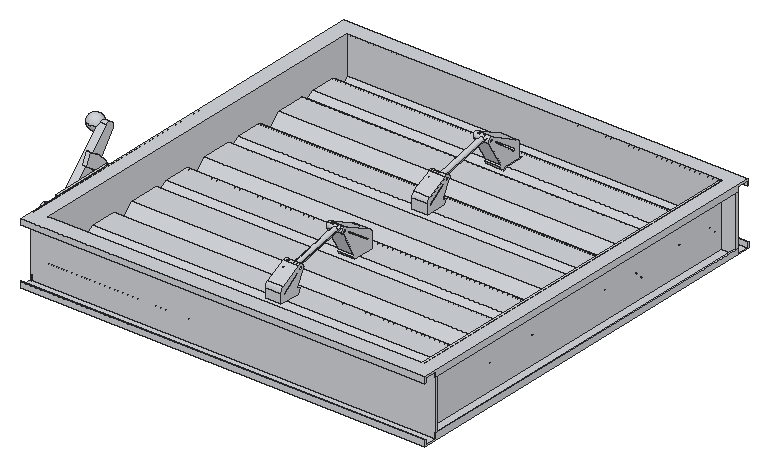
Revit family "20601_CBHO", category Air Terminals, Revit 2012
Parameters (values of type "CBHO")
  Visible_Texto = or(Medida_Requerida_Vertical < 4", Medida_Requerida_Vertical > 36", Medida_Requerida_Horizontal < 4", Medida_Requerida_Horizontal > 60", not(and(Medida_Requerida_Vertical = Var1_V, Medida_Requerida_Horizontal = Var1_H)))  # no
  Var1_V = if(Medida_Requerida_Vertical < 4", 4", if(Medida_Requerida_Vertical > 36", 36", (rounddown(Medida_Requerida_Vertical / 1") * 1")))  # 24"
  Var1_H = if(Medida_Requerida_Horizontal < 4", 4", if(Medida_Requerida_Horizontal > 60", 60", (rounddown(Medida_Requerida_Horizontal / 1") * 1")))  # 24"
  URL = "https://www.innes.com.mx"
  Type Comments = "De hojas opuestas"
  Tipo de Cuello = "Cuadrado/Rectangular"
  Posición de Intalación = "Ducto"
  Nota1 = if(Medida_Requerida_Vertical > 36", "Medida vertical no disponible, máximo 36 in", if(Medida_Requerida_Vertical < 4", "Medida vertical no disponible, mínimo 4 in", if(Medida_Requerida_Horizontal > 60", "Medida horizontal no disponible, máximo 60 in", if(Medida_Requerida_Horizontal < 4", "Medida horizontal no disponible, mínimo 4 in", if(and(Medida_Requerida_Horizontal = Var1_H, Medida_Requerida_Vertical = Var1_V), ".", "Medida no Válida. Solo incrementos de 1 in")))))  # "."
  Model = "CBHO"
  Medida_Requerida_Vertical = 24"
  Medida_Requerida_Horizontal = 24"
  Material = "Acero"
  Manufacturer = "INNES"
  Incrementos de Cuello = "de 1\""
  Description = "Compuerta de balance"
  Cuello Min-Max Rectangular = "6\"x4\" hasta 60\"x36\""
  Cuello Min-Max Cuadrado = "4\"x4\" hasta 36\"x36\""
  Conect_Vertical = if(Medida_Requerida_Vertical < 4", 4", if(Medida_Requerida_Vertical > 36", 36", Medida_Requerida_Vertical))  # 24"
  Conect_Horizontal = if(Medida_Requerida_Horizontal < 4", 4", if(Medida_Requerida_Horizontal > 60", 60", Medida_Requerida_Horizontal))  # 24"
Reference planes (in)
  plane 1 "Center (Front/Back)": y = 0
  plane 2: z = 0
  plane 3 "Center (Left/Right)": x = 0
  plane 4 "Conect": z = 2
  plane 5 "Conector2": z = -2
  plane 6: z = -2
Dimensions and locks (in)
  aligned and locked: nested 1 to plane 5 "Conector2"
Nested families (in)
  nested 1: "CBHO" at (0, 0, 0), type "CBHO"
  nested 2: "Texto_CBHO" at (6.84585, -35.07302, 0), type "texto"
    with Visible_Texto no
Connectors (in)
  hvac at (0, 0, 2), driven by "Conect_Vertical", driven by "Conect_Horizontal"
    settings: index 1, duct flow 0.0 L/s, flow factor 0, pres drop 0.0 Pa, loss coef 0, conn angle 0.00°, conn width 609.6 mm, conn height 609.6 mm, conn radius 304.8 mm, duct sys type 1, conn prof type 1, flow config 0, flow direction 0, loss method 0, conn ref index -1, conn util no, is conn primary no, conn desc ""
  hvac at (0, 0, -2), driven by "Conect_Vertical", driven by "Conect_Horizontal"
    settings: index 2, duct flow 0.0 L/s, flow factor 0, pres drop 0.0 Pa, loss coef 0, conn angle 0.00°, conn width 609.6 mm, conn height 609.6 mm, conn radius 304.8 mm, duct sys type 1, conn prof type 1, flow config 0, flow direction 0, loss method 0, conn ref index -1, conn util no, is conn primary yes, conn desc ""
Definition of nested family "CBHO"
  Parameters (values of type "CBHO")
    var6 = var1 + var2  # 4"
    var5 = var4 / (var6) * 1"  # 81/256"
    var4 = if(Vertical < 12", Vertical - 6", Vertical - var3)  # 1 17/64"
    var3 = if(Vertical < 12", Vertical, (6 * var6) - (27" / 64" * (var6 - 1")))  # 22 47/64"
    var2 = if(Medida Vertical Requerida < 6", 1", rounddown((((Vertical - 6") / 1") / 12) + 1) * 1")  # 2"
    var1 = rounddown((((Vertical - 12") / 1") / 12) + 1) * 1"  # 2"
    Posición Gancho = 3"  # constant formula
    VisibilidadRejilla 2 = Vertical > 23"  # yes
    VisibilidadRejilla 1 = Vertical > 17"  # yes
    Vertical = if(Medida Vertical Requerida < 4", 4", if(Medida Vertical Requerida > 36", 36", (rounddown(Medida Vertical Requerida / 1") * 1")))  # 24"
    URL = "http://www.innes.com.mx/p/Product/Article/58"
    Separacion Cuadrante = if(Medida Vertical Requerida < 6", 1", 2")  # 2"
    Separacion Aleta 2 = Ancho Aleta - (27" / 64" * 2")  # 5 121/256"
    Separacion Aleta 1 = Ancho Aleta - 27" / 64  # 5 229/256"
    Rejilla Invisible = Vertical > 11"  # yes
    VisibilidadRejilla 3 = not(VisibilidadRejilla 1)  # no
    Rejilla 2 = if(Vertical < 24", 2, rounddown((((Vertical - 12") / 1") / 12) + 1))  # 2
    Rejilla 1 = if(Vertical < 18", 2, rounddown((((Vertical - 6") / 1") / 12) + 1))  # 2
    Model = "CBHO"
    Manufacturer = "INNES"
    Largo Eje = 0"  # constant formula
    Medida Horizontal Requerida = 24"
    Horizontal = if(Medida Horizontal Requerida < 4", 4", if(Medida Horizontal Requerida > 60", 60", (rounddown(Medida Horizontal Requerida / 1") * 1")))  # 24"
    Description = "Compuerta de Balance"
    Color = rojo
    Ancho Aleta = 6" + var5  # 6 81/256"
    Medida Vertical Requerida = 24"
  Reference planes (in)
    plane 1 "Center (Front/Back)": y = 0
    plane 2: z = 0
    plane 3 "Center (Left/Right)": x = 0
    plane 4: x = -12
    plane 5: x = 12
    plane 6: y = 12
    plane 7: y = -12
    plane 8: z = 2
    plane 9: z = -2
    plane 10: z = 2
    plane 11: z = -2
    plane 12: y = 13
    plane 13 "Frente": z = -2
    plane 14: x = -0.5
    plane 15: x = 0.5
    plane 16: y = -10.99709
    plane 17: y = 9
    plane 18: y = 11.19783
    plane 19: y = -8.99709
    plane 20: y = 9.8964
  Forms (in)
    Sweep 1, solid
      path origin (0, 0, 0) x (1, 0, 0) y (0, 1, 0)
        loop
          line (-12, 12) -> (-12, -12) -> (12, -12) -> (12, 12) -> (-12, 12)
      profile origin (0, 12, 0) x (0, 1, 0) y (0, 0, 1)
        loop
          line (0, -2) -> (1, -2) -> (1, -1.625) -> (0.9375, -1.625) -> (0.9375, -1.9375) -> (0.0625, -1.9375) -> (0.0625, 1.9375) -> (0.9375, 1.9375) -> (0.9375, 1.625) -> (1, 1.625) -> (1, 2) -> (0, 2) -> (0, -2)
    Extrusion 2, solid
      sketch origin (0, 0, 0) x (0, 1, 0) y (0, 0, 1)
        loop
          line (12, -1.40984) -> (12, -0.9422) -> (10.5, -0.9422) -> (10.5, -1.00042) -> (11.94485, -1.00042) -> (11.94485, -1.40984) -> (12, -1.40984)
      from -12 to 12
    Extrusion 3, solid
      sketch origin (0, 0.03175, 0) x (0, 1, 0) y (0, 0, 1)
        loop
          line (-11.02884, -0.05916) -> (-11.02884, -0.9628)
          arc (-11.02884, -0.9628) -> (-10.9788, -1.14023) -> (-10.84343, -1.26536) r 0.33957
          line (-10.84343, -1.26536) -> (-8.95442, -2.22786)
          arc (-8.95442, -2.22786) -> (-8.69099, -2.2144) -> (-8.64962, -1.9539) r 0.20945
          line (-8.64962, -1.9539) -> (-9.58593, -0.33216) -> (-9.50823, -0.2873) -> (-9.63994, -0.05916) -> (-11.02884, -0.05916)
        loop
          circle (-8.83101, -2.05862) r 0.12064
        loop
          line (-10.71059, -0.81609) -> (-9.14542, -1.91204)
          arc (-9.14542, -1.91204) -> (-9.06593, -1.89802) -> (-9.07995, -1.81854) r 0.05707
          line (-9.07995, -1.81854) -> (-10.64513, -0.72259)
          arc (-10.64513, -0.72259) -> (-10.72461, -0.73661) -> (-10.71059, -0.81609) r 0.05707
      from -0.5 to 0.5
    Extrusion 4, solid
      sketch origin (0, -0.11225, 0) x (0, 1, 0) y (0, 0, 1)
        loop
          line (9.11225, 0.01886) -> (9.11225, -0.95138)
          arc (9.11225, -0.95138) -> (9.16229, -1.12881) -> (9.29766, -1.25394) r 0.33957
          line (9.29766, -1.25394) -> (11.18667, -2.21644)
          arc (11.18667, -2.21644) -> (11.34783, -2.12636) -> (11.33123, -1.94248) r 0.1696
          line (11.33123, -1.94248) -> (10.55516, -0.32074) -> (10.64891, -0.27588) -> (10.50786, 0.01886) -> (9.11225, 0.01886)
        loop
          circle (11.19783, -2.04721) r 0.12064
        loop
          line (9.4305, -0.80467) -> (10.99567, -1.90062)
          arc (10.99567, -1.90062) -> (11.07516, -1.8866) -> (11.06114, -1.80712) r 0.05707
          line (11.06114, -1.80712) -> (9.49596, -0.71117)
          arc (9.49596, -0.71117) -> (9.41648, -0.72519) -> (9.4305, -0.80467) r 0.05707
      from -0.5 to 0.5
    Revolve 5, solid
      sketch origin (0, 0, -2) x (0, 1, 0) y (-1, 0, 0)
        loop
          line (11.19783, 0) -> (-8.99709, 0) -> (-8.99709, -0.25) -> (11.19783, -0.25) -> (11.19783, 0)
        axis (11.19783, 0) -> (-8.99709, 0)
      angle from 0 to 360
    Extrusion 6, solid
      sketch origin (0, 0, -2) x (0, 1, 0) y (-1, 0, 0)
        loop
          line (-12, 13) -> (-12.125, 13) -> (-12.125, -13) -> (-12, -13) -> (-12, 13)
        loop
          line (12.125, 13) -> (12, 13) -> (12, -13) -> (12.125, -13) -> (12.125, 13)
      from 0.0625 to 3.9375
    Extrusion 7, void
      sketch origin (0, 0, -2) x (0, 1, 0) y (-1, 0, 0)
        loop
          line (-12.9375, -12.9375) -> (-12.9375, -13) -> (-12.125, -13) -> (-12.125, -12.9375) -> (-12.9375, -12.9375)
        loop
          line (-12.125, 13) -> (-12.9375, 13) -> (-12.9375, 12.9375) -> (-12.125, 12.9375) -> (-12.125, 13)
        loop
          line (12.9375, 13) -> (12.125, 13) -> (12.125, 12.9375) -> (12.9375, 12.9375) -> (12.9375, 13)
        loop
          line (12.9375, -12.9375) -> (12.125, -12.9375) -> (12.125, -13) -> (12.9375, -13) -> (12.9375, -12.9375)
      from 0.0625 to 3.9375
  Cuts and joins
    Extrusion 7 cuts Sweep 1
  Dimensions and locks (in)
    equal spacing: plane 4, plane 3 "Center (Left/Right)", plane 5
    equal spacing: plane 6, plane 1 "Center (Front/Back)", plane 7
    "Horizontal": plane 4 to plane 5
    "Vertical": plane 6 to plane 7
    locked: plane 10 to level at 2
    locked: level to plane 11 at 2
    plane 12 to plane 6 = 1"
    Sweep 1 sketch curve to plane 6 = 1/16"
    plane 8 to Sweep 1 sketch curve = 1/16"
    plane 12 to Sweep 1 sketch curve = 1/16"  (x2)
    Sweep 1 sketch curve to Sweep 1 sketch curve = 1/16"
    level to plane 13 "Frente" = 2"
    equal spacing: plane 14, plane 3 "Center (Left/Right)", plane 15
    locked: plane 14 to plane 15 at 1
    locked: plane 16 to plane 7 at 1.00291
    level to Extrusion 4 = 0.01886"
    "Posición Gancho": plane 6 to plane 17
    plane 18 to plane 17 = 2.19783"
    plane 19 to plane 16 = 2"
    "Separacion Cuadrante": nested 3 to plane 7
    Extrusion 6 sketch curve to Extrusion 6 sketch curve = 1/8"
    Sweep 1 to Extrusion 6 sketch curve = 1/8"
    locked: level to nested 2 at 0
    group 2 to group 3 = 0"  (x2)
    group 2 to group 3 = 11.78972"
    plane 4 to nested 6 = 0"
    locked: nested 5 to level at 0
    locked: nested 5 to plane 7 at 0.00522
    locked: nested 1 to Extrusion 6 at 0.00522
    "Separacion Aleta 1": nested 6 to Extrusion 6
    "Separacion Aleta 1": nested 2 to Extrusion 6
    "Separacion Aleta 2": nested 4 to nested 2
    cut or joined group of Sweep 1, Extrusion 7 to plane 12 = 26"
    cut or joined group of Sweep 1, Extrusion 7 to cut or joined group of Sweep 1, Extrusion 7 = 26"
    plane 1 "Center (Front/Back)" to plane 17 = 9"
    cut or joined group of Sweep 1, Extrusion 7 to plane 7 = 1"
    nested 6 to nested 6 = 1.6734"
    group 1 to group 4 = 0"  (x2)
    group 1 to group 4 = 11.74365"
    "Separacion Aleta 2": nested 8 to nested 1
    aligned and locked: plane 2 to level
    aligned and locked: Sweep 1 sketch curve to plane 6
    aligned and locked: plane 4 to Sweep 1 sketch curve
    aligned and locked: plane 7 to Sweep 1 sketch curve
    aligned and locked: Sweep 1 sketch curve to plane 5
    aligned and locked: plane 8 to Sweep 1 sketch curve
    aligned and locked: plane 12 to Sweep 1 sketch curve  (x2)
    aligned and locked: Sweep 1 sketch curve to plane 9
    aligned and locked: level to nested 1
    aligned and locked: plane 5 to Extrusion 2
    aligned and locked: Extrusion 2 to plane 4
    aligned and locked: Extrusion 3 sketch curve to nested 1
    aligned and locked: Extrusion 3 to plane 16
    aligned and locked: plane 17 to Extrusion 4
    aligned and locked: Revolve 5 sketch curve to plane 3 "Center (Left/Right)"
    aligned and locked: Revolve 5 to plane 18
    aligned and locked: Revolve 5 to plane 19
    aligned and locked: nested 3 to Sweep 1
    aligned and locked: Extrusion 6 sketch curve to Sweep 1  (x4)
    aligned and locked: plane 6 to Extrusion 6 sketch curve
    aligned and locked: Extrusion 6 sketch curve to plane 7
    aligned and locked: Extrusion 6 to Sweep 1  (x2)
    aligned and locked: Extrusion 7 sketch curve to Sweep 1  (x8)
    aligned and locked: Extrusion 7 sketch curve to Extrusion 6  (x3)
    aligned and locked: Sweep 1 to Extrusion 7 sketch curve  (x4)
    aligned and locked: Extrusion 6 to Extrusion 7 sketch curve
    aligned and locked: Extrusion 7 to Sweep 1  (x2)
    aligned and locked: nested 2 to plane 5
    aligned and locked: nested 1 to plane 4
    aligned and locked: nested 8 to plane 5
    aligned and locked: nested 4 to plane 5
  Automatic sketch dimensions
    Sweep 1 sketch curve to profile plane = 0"
    Sweep 1 sketch curve to Sweep 1 sketch curve = 5/16"
    Sweep 1 sketch curve to Sweep 1 sketch curve = 3/8"
    Extrusion 2 sketch curve to plane 6 = 0"
    Extrusion 2 sketch curve to plane 6 = 0.05515"
    Extrusion 2 sketch curve to Extrusion 2 sketch curve = 1.44485"
    plane 11 to Extrusion 2 sketch curve = 0.59016"
    Extrusion 2 sketch curve to Extrusion 2 sketch curve = 0.40942"
    Extrusion 2 sketch curve to Extrusion 2 sketch curve = 0.05823"
    Extrusion 3 sketch curve to Extrusion 3 sketch curve = 0"  (x2)
    plane 7 to Extrusion 3 sketch curve = 1.00291"
    plane 11 to Extrusion 3 sketch curve = 0.73464"
    Extrusion 3 sketch curve to Extrusion 3 sketch curve = 0.18541"
    Extrusion 3 sketch curve to Extrusion 3 sketch curve = 0.31824"
    Extrusion 3 sketch curve to Extrusion 3 sketch curve = 0.02133"
    Extrusion 3 sketch curve to Extrusion 3 sketch curve = 0.03273"  (x4)
    Extrusion 3 sketch curve to Extrusion 3 sketch curve = 1.00518"
    Extrusion 3 sketch curve to level = 0.33216"
    Extrusion 3 sketch curve to Extrusion 3 sketch curve = 0.05401"
    Extrusion 3 sketch curve to level = 0.2873"
    plane 11 to Extrusion 3 sketch curve = 0.08796"
    Extrusion 3 sketch curve to Extrusion 3 sketch curve = 0.44051"
    Extrusion 3 sketch curve to plane 11 = 0.22786"
    Extrusion 3 sketch curve to Extrusion 3 sketch curve = 0.191"
    Extrusion 3 sketch curve to plane 11 = 0.05862"
    plane 11 to Extrusion 3 sketch curve = 0.0461"
    Extrusion 3 sketch curve to Extrusion 3 sketch curve = 0.04675"  (x2)
    Extrusion 3 sketch curve to Extrusion 3 sketch curve = 0.14671"
    Extrusion 4 sketch curve to Extrusion 4 sketch curve = 0"  (x3)
    Extrusion 4 sketch curve to plane 1 "Center (Front/Back)" = 9"
    plane 11 to Extrusion 4 sketch curve = 0.74606"
    Extrusion 4 sketch curve to Extrusion 4 sketch curve = 0.18541"
    Extrusion 4 sketch curve to Extrusion 4 sketch curve = 0.31824"
    Extrusion 4 sketch curve to Extrusion 4 sketch curve = 0.02133"
    Extrusion 4 sketch curve to Extrusion 4 sketch curve = 0.03273"  (x4)
    Extrusion 4 sketch curve to Extrusion 4 sketch curve = 1.0119"
    Extrusion 4 sketch curve to level = 0.32074"
    Extrusion 4 sketch curve to Extrusion 4 sketch curve = 0.0473"
    Extrusion 4 sketch curve to level = 0.27588"
    plane 11 to Extrusion 4 sketch curve = 0.09938"
    Extrusion 4 sketch curve to Extrusion 4 sketch curve = 0.44051"
    Extrusion 4 sketch curve to plane 11 = 0.21644"
    Extrusion 4 sketch curve to Extrusion 4 sketch curve = 0.191"
    Extrusion 4 sketch curve to plane 11 = 0.04721"
    plane 11 to Extrusion 4 sketch curve = 0.05752"
    Extrusion 4 sketch curve to Extrusion 4 sketch curve = 0.04675"  (x2)
    Extrusion 4 sketch curve to Extrusion 4 sketch curve = 0.14671"
    Revolve 5 sketch curve to plane 3 "Center (Left/Right)" = 0"
    Revolve 5 sketch curve to plane 7 = 5 1/4"
    plane 3 "Center (Left/Right)" to Revolve 5 sketch curve = 1/4"
    plane 7 to Revolve 5 sketch curve = 3.00291"
    Revolve 5 sketch curve to plane 6 = 0.80217"
    plane 6 to Revolve 5 sketch curve = 1/2"
    plane 18 to Extrusion 4 sketch curve = 0.11225"
    radius of Extrusion 3 sketch curve = 0.12064"
    radius of Extrusion 4 sketch curve = 0.12064"
  Nested families (in)
    nested 1: "Rejilla CBHO_1" at (12, -11.99609, -1) x (-1, 0, 0) z (0, -1, 0), type "Rejilla CBHO_1"
      with AnchoAleta 6 81/256"
    nested 2: "Rejilla CBHO_2" at (12, -6.10481, -1) x (-1, 0, 0) z (0, -1, 0), type "Rejilla CBHO_2"
      with Largo 24", AnchoAeta 6 81/256"
    nested 3: "Manija" at (-13, -6, 2) x (1, 0, 0) z (0, -1, 0), type "Manija"
    nested 4: "Rejilla CBHO_2" at (12, 5.68491, -1) x (-1, 0, 0) z (0, -1, 0), type "Rejilla CBHO_2"
      with Largo 24", AnchoAeta 6 81/256"
    nested 5: "Rejilla 1 visible" at (11.99909, -11.99609, -1) x (-1, 0, 0) z (0, -1, 0), type "Rejilla 1 visible"
      with Visible no, AnchoAleta 6 81/256"
    nested 6: "Rejilla 2 Invisible" at (12, -6.10678, -1.00006) x (-1, 0, 0) z (0, -1, 0), type "Rejilla 2 Invisible"
      with Largo 24", AnchoAeta 6 81/256"
    nested 7: "Texto1" at (4.75, 0, 2.5), type "texto"
      with punto visible no
    nested 8: "Rejilla CBHO_1" at (12, -0.25244, -1) x (-1, 0, 0) z (0, -1, 0), type "Rejilla CBHO_1"
      with AnchoAleta 6 81/256"
  Definition of nested family "Rejilla CBHO_1"
    Parameters (values of type "Rejilla CBHO_1")
      Visible = yes
      Largo rejilla = 24"
      Default Elevation = 48"
      AnchoAleta = 6"
    Reference planes (in)
      plane 1 "Center (Front/Back)": y = 0
      plane 2: z = 0
      plane 3 "Center (Left/Right)": x = 0
      plane 4 "Base palanca": y = -1
      plane 5: x = 24
      plane 6 "centro palanca": x = 12
      plane 7: x = 11.5
      plane 8: x = 12.5
      plane 9: z = -6
    Forms (in)
      Extrusion 1, solid, visible <- "Visible"
        sketch origin (0, 0, -6) x (0, 1, 0) y (0, 0, 1)
          loop
            line (-0.27784, 5.99869) -> (-1, 5.27653) -> (-1, 3.63877) -> (-0.72377, 3.22924) -> (-1, 2.81971) -> (-1, 1.14631) -> (-0.23243, 0.37874) -> (-0.61117, 0) -> (-0.51517, 0) -> (-0.13821, 0.37696) -> (-0.94084, 1.1796) -> (-0.94084, 2.78956) -> (-0.64338, 3.23057) -> (-0.94084, 3.67157) -> (-0.94084, 5.24748) -> (-0.23374, 5.95459) -> (-0.27784, 5.99869)
        from 0 to 24
      Extrusion 2, solid, visible <- "Visible"
        sketch origin (12, 0, -6) x (0, 0, 1) y (0, -1, 0)
          loop
            line (2.91548, 1) -> (2.91548, 1.61617)
            arc (2.91548, 1.61617) -> (2.86544, 1.79359) -> (2.73007, 1.91873) r 0.33957
            line (2.73007, 1.91873) -> (1.46775, 2.56191)
            arc (1.46775, 2.56191) -> (1.20433, 2.54845) -> (1.16295, 2.28795) r 0.20945
            line (1.16295, 2.28795) -> (1.66295, 1.42192) -> (1.44644, 1.29692) -> (1.61787, 1) -> (2.91548, 1)
          loop
            circle (1.34434, 2.39267) r 0.12064
          loop
            line (2.70646, 1.51247) -> (1.65875, 2.24609)
            arc (1.65875, 2.24609) -> (1.57927, 2.23207) -> (1.59328, 2.15259) r 0.05707
            line (1.59328, 2.15259) -> (2.64099, 1.41898)
            arc (2.64099, 1.41898) -> (2.72047, 1.43299) -> (2.70646, 1.51247) r 0.05707
        from -0.5 to 0.5
    Dimensions and locks (in)
      locked: plane 1 "Center (Front/Back)" to plane 4 "Base palanca" at 1
      "Largo rejilla": plane 5 to plane 3 "Center (Left/Right)"
      equal spacing: plane 5, plane 6 "centro palanca", plane 3 "Center (Left/Right)"
      equal spacing: plane 8, plane 6 "centro palanca", plane 7
      locked: plane 8 to plane 7 at 1
      "AnchoAleta": plane 9 to plane 2
      aligned and locked: plane 2 to level
      aligned and locked: plane 5 to Extrusion 1
      aligned and locked: plane 7 to Extrusion 2
      aligned and locked: Extrusion 2 to plane 8
      aligned and locked: Extrusion 1 sketch curve to plane 9
    Automatic sketch dimensions
      Extrusion 2 sketch curve to Extrusion 2 sketch curve = 0"  (x2)
      Extrusion 2 sketch curve to plane 4 "Base palanca" = 0"
      Extrusion 2 sketch curve to level = 4.83705"
      Extrusion 2 sketch curve to Extrusion 2 sketch curve = 0.18139"
      plane 4 "Base palanca" to Extrusion 2 sketch curve = 0.29692"
      Extrusion 2 sketch curve to Extrusion 2 sketch curve = 0.28349"
      Extrusion 2 sketch curve to Extrusion 2 sketch curve = 0.12341"
      Extrusion 2 sketch curve to Extrusion 2 sketch curve = 0.24894"
      Extrusion 2 sketch curve to Extrusion 2 sketch curve = 0.17143"
      Extrusion 2 sketch curve to Extrusion 2 sketch curve = 0.03273"  (x4)
      plane 4 "Base palanca" to Extrusion 2 sketch curve = 0.42192"
      Extrusion 2 sketch curve to Extrusion 2 sketch curve = 0.91295"
      plane 4 "Base palanca" to Extrusion 2 sketch curve = 0.41898"
      Extrusion 2 sketch curve to Extrusion 2 sketch curve = 0.06509"
      plane 4 "Base palanca" to Extrusion 2 sketch curve = 0.91873"
      Extrusion 2 sketch curve to Extrusion 2 sketch curve = 0.15416"
      Extrusion 2 sketch curve to Extrusion 2 sketch curve = 0.20902"
      Extrusion 2 sketch curve to Extrusion 2 sketch curve = 0.04675"  (x2)
      Extrusion 2 sketch curve to Extrusion 2 sketch curve = 0.13536"
      Extrusion 2 sketch curve to Extrusion 2 sketch curve = 0.10473"
      Extrusion 1 sketch curve to plane 4 "Base palanca" = 0"  (x2)
      Extrusion 1 sketch curve to plane 4 "Base palanca" = 0.05916"  (x2)
      Extrusion 1 sketch curve to plane 4 "Base palanca" = 0.27623"
      Extrusion 1 sketch curve to Extrusion 1 sketch curve = 0.08039"
      Extrusion 1 sketch curve to plane 4 "Base palanca" = 0.38883"
      Extrusion 1 sketch curve to Extrusion 1 sketch curve = 0.096"
      Extrusion 1 sketch curve to level = 0.00131"
      plane 1 "Center (Front/Back)" to Extrusion 1 sketch curve = 0.27784"
      Extrusion 1 sketch curve to level = 0.04541"
      Extrusion 1 sketch curve to Extrusion 1 sketch curve = 0.0441"
      plane 1 "Center (Front/Back)" to Extrusion 1 sketch curve = 0.23243"
      Extrusion 1 sketch curve to Extrusion 1 sketch curve = 0.09422"
      Extrusion 1 sketch curve to plane 9 = 0.37696"
      Extrusion 1 sketch curve to Extrusion 1 sketch curve = 0.00178"
      Extrusion 1 sketch curve to Extrusion 1 sketch curve = 1.60996"
      Extrusion 1 sketch curve to Extrusion 1 sketch curve = 0.03015"
      Extrusion 1 sketch curve to Extrusion 1 sketch curve = 0.43968"
      Extrusion 1 sketch curve to Extrusion 1 sketch curve = 0.00132"
      Extrusion 1 sketch curve to Extrusion 1 sketch curve = 0.40953"
      Extrusion 1 sketch curve to Extrusion 1 sketch curve = 0.0328"
      radius of Extrusion 2 sketch curve = 0.12064"
  Definition of nested family "Rejilla CBHO_2"
    Parameters (values of type "Rejilla CBHO_2")
      Visible = yes
      LargoEje = 3 1/2"
      Largo = 18"
      Default Elevation = 48"
      AnchoAeta = 6"
    Reference planes (in)
      plane 1 "Center (Front/Back)": y = 0
      plane 2: z = 0
      plane 3 "Center (Left/Right)": x = 0
      plane 4 "Base palanca": y = -1
      plane 5: x = 18
      plane 6 "centro palanca": x = 9
      plane 7: x = 8.5
      plane 8: x = 9.5
      plane 9: through (0, -2.80774, -2.42962) normal (0, -0.2, -0.9798)
      plane 10: z = -6
    Forms (in)
      Extrusion 1, solid, visible <- "Visible"
        sketch origin (0, 0, -6.00106) x (0, 1, 0) y (0, 0, 1)
          loop
            line (-0.27481, 6.00172) -> (-1, 5.27653) -> (-1, 3.63983) -> (-0.72377, 3.2303) -> (-1, 2.82077) -> (-1, 1.14737) -> (-0.23243, 0.37979) -> (-0.61117, 0.00106) -> (-0.51517, 0.00106) -> (-0.13821, 0.37802) -> (-0.94084, 1.18065) -> (-0.94084, 2.79062) -> (-0.64338, 3.23162) -> (-0.94084, 3.67263) -> (-0.94084, 5.24748) -> (-0.23071, 5.95761) -> (-0.27481, 6.00172)
        from 0 to 18
      Extrusion 2, solid, visible <- "Visible"
        sketch origin (9, 0, -6.00106) x (0, 0, 1) y (0, -1, 0)
          loop
            line (1.5, 1) -> (2.89561, 1) -> (3.02061, 1.21651) -> (2.94291, 1.26137) -> (3.87922, 2.88311)
            arc (3.87922, 2.88311) -> (3.83784, 3.14361) -> (3.57442, 3.15707) r 0.20945
            line (3.57442, 3.15707) -> (1.68541, 2.19457)
            arc (1.68541, 2.19457) -> (1.55004, 2.06944) -> (1.5, 1.89201) r 0.33957
            line (1.5, 1.89201) -> (1.5, 1)
          loop
            circle (3.69783, 2.98784) r 0.12064
          loop
            arc (1.81824, 1.7453) -> (1.80423, 1.66582) -> (1.88371, 1.6518) r 0.05707
            line (1.88371, 1.6518) -> (3.44889, 2.74775)
            arc (3.44889, 2.74775) -> (3.4629, 2.82723) -> (3.38342, 2.84125) r 0.05707
            line (3.38342, 2.84125) -> (1.81824, 1.7453)
        from -0.5 to 0.5
      Extrusion 3, solid, visible <- "Visible"
        sketch origin (0, -1.01277, -6.46018) x (1, 0, 0) y (0, 0.979789, -0.200034)
          loop
            circle (8.99581, -2.77843) r 0.16218
        from 3.59005 to 7.09005
    Dimensions and locks (in)
      locked: plane 1 "Center (Front/Back)" to plane 4 "Base palanca" at 1
      equal spacing: plane 5, plane 6 "centro palanca", plane 3 "Center (Left/Right)"
      equal spacing: plane 8, plane 6 "centro palanca", plane 7
      locked: plane 8 to plane 7 at 1
      "LargoEje": plane 9 to Extrusion 3
      "Largo": plane 5 to plane 3 "Center (Left/Right)"
      "AnchoAeta": level to plane 10
      aligned and locked: plane 2 to level
      aligned and locked: plane 5 to Extrusion 1
      aligned and locked: plane 7 to Extrusion 2
      aligned and locked: Extrusion 2 to plane 8
      aligned and locked: plane 9 to Extrusion 3
      aligned and locked: plane 10 to Extrusion 1 sketch curve
    Automatic sketch dimensions
      Extrusion 2 sketch curve to Extrusion 2 sketch curve = 0"  (x2)
      Extrusion 2 sketch curve to plane 4 "Base palanca" = 0"
      Extrusion 2 sketch curve to level = 4.50106"
      plane 4 "Base palanca" to Extrusion 2 sketch curve = 1.19457"
      Extrusion 2 sketch curve to Extrusion 2 sketch curve = 0.18541"
      Extrusion 2 sketch curve to Extrusion 2 sketch curve = 0.31824"
      Extrusion 2 sketch curve to Extrusion 2 sketch curve = 0.02133"
      Extrusion 2 sketch curve to Extrusion 2 sketch curve = 0.03273"  (x4)
      Extrusion 2 sketch curve to Extrusion 2 sketch curve = 1.0119"
      plane 4 "Base palanca" to Extrusion 2 sketch curve = 0.26137"
      Extrusion 2 sketch curve to Extrusion 2 sketch curve = 0.0473"
      Extrusion 2 sketch curve to Extrusion 2 sketch curve = 0.0777"
      Extrusion 2 sketch curve to Extrusion 2 sketch curve = 0.44051"
      Extrusion 2 sketch curve to Extrusion 2 sketch curve = 0.191"
      Extrusion 2 sketch curve to Extrusion 2 sketch curve = 0.12341"
      Extrusion 2 sketch curve to Extrusion 2 sketch curve = 0.18139"
      Extrusion 2 sketch curve to Extrusion 2 sketch curve = 0.24021"
      Extrusion 2 sketch curve to Extrusion 2 sketch curve = 0.04675"  (x2)
      Extrusion 2 sketch curve to Extrusion 2 sketch curve = 0.13536"
      Extrusion 2 sketch curve to Extrusion 2 sketch curve = 0.10473"
      Extrusion 3 sketch curve to plane 6 "centro palanca" = 0.00419"
      Extrusion 1 sketch curve to plane 4 "Base palanca" = 0"  (x2)
      Extrusion 1 sketch curve to plane 4 "Base palanca" = 0.05916"  (x2)
      Extrusion 1 sketch curve to plane 4 "Base palanca" = 0.27623"
      Extrusion 1 sketch curve to Extrusion 1 sketch curve = 0.08039"
      Extrusion 1 sketch curve to plane 4 "Base palanca" = 0.38883"
      Extrusion 1 sketch curve to Extrusion 1 sketch curve = 0.096"
      level to Extrusion 1 sketch curve = 0.00066"
      plane 1 "Center (Front/Back)" to Extrusion 1 sketch curve = 0.27481"
      plane 1 "Center (Front/Back)" to Extrusion 1 sketch curve = 0.23243"
      Extrusion 1 sketch curve to level = 0.04344"
      Extrusion 1 sketch curve to Extrusion 1 sketch curve = 0.0441"
      Extrusion 1 sketch curve to Extrusion 1 sketch curve = 0.09422"
      plane 10 to Extrusion 1 sketch curve = 0.37696"
      Extrusion 1 sketch curve to Extrusion 1 sketch curve = 0.00178"
      Extrusion 1 sketch curve to Extrusion 1 sketch curve = 1.60996"
      Extrusion 1 sketch curve to Extrusion 1 sketch curve = 0.03015"
      Extrusion 1 sketch curve to Extrusion 1 sketch curve = 0.43968"
      Extrusion 1 sketch curve to Extrusion 1 sketch curve = 0.00132"
      Extrusion 1 sketch curve to Extrusion 1 sketch curve = 0.40953"
      Extrusion 1 sketch curve to Extrusion 1 sketch curve = 0.0328"
      radius of Extrusion 2 sketch curve = 0.12064"
      radius of Extrusion 3 sketch curve = 0.16218"
  Definition of nested family "Manija"
    Parameters (values of type "Manija")
      Default Elevation = 48"
    Reference planes (in)
      plane 1 "Center (Front/Back)": y = 0
      plane 2: z = 0
      plane 3 "Center (Left/Right)": x = 0
      plane 4 "L2": x = -0.125
      plane 5 "L3": x = -0.25
      plane 6 "L4": x = -0.5
      plane 7 "L5": x = -1
      plane 8 "L6": x = -2
      plane 9 "Eje bola": y = 1.71139
      plane 10: z = -0.75
    Forms (in)
      Extrusion 1, solid
        sketch origin (0, 0, 0) x (0, 1, 0) y (0, 0, 1)
          loop
            line (0, 0) -> (0, 4) -> (-4, 4) -> (-4, 0) -> (0, 0)
        from 0 to -0.125
      Extrusion 2, solid
        sketch origin (-0.125, 0, 0) x (0, 1, 0) y (0, 0, 1)
          loop
            arc (-1.2715, 3.29599) -> (-2, 3.61095) -> (-2.7285, 3.29599) r 1
            arc (-2.7285, 3.29599) -> (-3.09677, 3.06507) -> (-3.49937, 2.90119) r 2.50851
            arc (-3.49937, 2.90119) -> (-3.82021, 2.58298) -> (-3.52907, 2.23739) r 0.33333
            arc (-3.52907, 2.23739) -> (-3.1106, 2.07156) -> (-2.7285, 1.83361) r 2.50851
            arc (-2.7285, 1.83361) -> (-2, 1.58943) -> (-1.2715, 1.83361) r 1.20883
            arc (-1.2715, 1.83361) -> (-0.82118, 2.10468) -> (-0.32426, 2.27597) r 2.50851
            arc (-0.32426, 2.27597) -> (-0.16864, 2.65092) -> (-0.49065, 2.89813) r 0.33333
            arc (-0.49065, 2.89813) -> (-0.89858, 3.0627) -> (-1.2715, 3.29599) r 2.50851
        from 0 to -0.125
      Extrusion 3, solid
        sketch origin (-0.25, 0, 0) x (0, 1, 0) y (0, 0, 1)
          loop
            circle (-2.05133, 2.59002) r 0.75
          loop
            line (-4.5016, 1.34154) -> (-5.16985, 1.00105)
            arc (-5.16985, 1.00105) -> (-2.0563, -0.90998) -> (1.06267, 0.9922) r 3.5
            line (1.06267, 0.9922) -> (0.39538, 1.33459)
            arc (0.39538, 1.33459) -> (-2.05523, -0.15998) -> (-4.5016, 1.34154) r 2.75
        from 0 to -0.25
      Extrusion 4, solid
        sketch origin (-0.5, 0, 0) x (0, 1, 0) y (0, 0, 1)
          loop
            line (-1.0926, 2.42578) -> (-2.40363, 3.52587) -> (-3.20711, 2.56832) -> (-1.89608, 1.46823) -> (1.54224, -1.02986)
            arc (1.54224, -1.02986) -> (1.91796, -0.93966) -> (1.88764, -0.55445) r 0.29748
            line (1.88764, -0.55445) -> (-1.0926, 2.42578)
        from 0 to -0.5
      Extrusion 5, solid
        sketch origin (-1, 0, 0) x (0, 1, 0) y (0, 0, 1)
          loop
            circle (-2.07433, 2.60224) r 0.3804
        from 0 to -1
      Revolve 6, solid
        sketch origin (0, 1.71139, 0) x (0, 0, -1) y (-1, 0, 0)
          loop
            line (0.75, 0.86769) -> (0.75, 1.84305)
            arc (0.75, 1.84305) -> (0.26232, 1.35537) -> (0.75, 0.86769) r 0.48768
          axis (0.75, 1.84305) -> (0.75, 0.86769)
        angle from 0 to 360
    Dimensions and locks (in)
      plane 4 "L2" to plane 3 "Center (Left/Right)" = 1/8"
      plane 5 "L3" to plane 4 "L2" = 1/8"
      plane 6 "L4" to plane 5 "L3" = 1/4"
      plane 7 "L5" to plane 6 "L4" = 1/2"
      plane 8 "L6" to plane 7 "L5" = 1"
      plane 1 "Center (Front/Back)" to Extrusion 2 sketch curve = 2"
      locked: plane 9 "Eje bola" to Extrusion 1 at 1.71139
      aligned and locked: plane 2 to level
      aligned and locked: Extrusion 1 to plane 4 "L2"
      aligned and locked: Extrusion 2 to plane 5 "L3"
      aligned and locked: Extrusion 3 to plane 6 "L4"
      aligned and locked: Extrusion 4 to plane 7 "L5"
      aligned and locked: Extrusion 5 to plane 8 "L6"
  Definition of nested family "Rejilla 2 Invisible"
    Parameters (values of type "Rejilla 2 Invisible")
      Visible = yes
      LargoEje = 3 1/2"
      Largo = 18"
      Default Elevation = 48"
      AnchoAeta = 6"
    Reference planes (in)
      plane 1 "Center (Front/Back)": y = 0
      plane 2: z = 0
      plane 3 "Center (Left/Right)": x = 0
      plane 4 "Base palanca": y = -1
      plane 5: x = 18
      plane 6 "centro palanca": x = 9
      plane 7: x = 8.5
      plane 8: x = 9.5
      plane 9: through (0, -2.80774, -2.42856) normal (0, -0.2, -0.9798)
      plane 10: y = -0.23243
      plane 11: z = -6
    Forms (in)
      Extrusion 1, solid, visible <- "Visible"
        sketch origin (0, 0, -6) x (0, 1, 0) y (0, 0, 1)
          loop
            line (-0.27784, 5.99869) -> (-1, 5.27653) -> (-1, 3.63877) -> (-0.72377, 3.22924) -> (-1, 2.81971) -> (-1, 1.14631) -> (-0.23243, 0.37874) -> (-0.61117, 0) -> (-0.51517, 0) -> (-0.13821, 0.37696) -> (-0.94084, 1.1796) -> (-0.94084, 2.78956) -> (-0.64338, 3.23057) -> (-0.94084, 3.67157) -> (-0.94084, 5.24748) -> (-0.23374, 5.95459) -> (-0.27784, 5.99869)
        from 0 to 18
      Extrusion 2, solid, visible <- "Visible"
        sketch origin (9, 0, -6) x (0, 0, 1) y (0, -1, 0)
          loop
            line (1.5, 1) -> (2.89561, 1) -> (3.02061, 1.21651) -> (2.94291, 1.26137) -> (3.87922, 2.88311)
            arc (3.87922, 2.88311) -> (3.83784, 3.14361) -> (3.57442, 3.15707) r 0.20945
            line (3.57442, 3.15707) -> (1.68541, 2.19457)
            arc (1.68541, 2.19457) -> (1.55004, 2.06944) -> (1.5, 1.89201) r 0.33957
            line (1.5, 1.89201) -> (1.5, 1)
          loop
            circle (3.69783, 2.98784) r 0.12064
          loop
            arc (1.81824, 1.7453) -> (1.80423, 1.66582) -> (1.88371, 1.6518) r 0.05707
            line (1.88371, 1.6518) -> (3.44889, 2.74775)
            arc (3.44889, 2.74775) -> (3.4629, 2.82723) -> (3.38342, 2.84125) r 0.05707
            line (3.38342, 2.84125) -> (1.81824, 1.7453)
        from -0.5 to 0.5
      Extrusion 3, solid, visible <- "Visible"
        sketch origin (0, -1.01277, -6.45913) x (1, 0, 0) y (0, 0.979789, -0.200034)
          loop
            circle (8.99581, -2.77843) r 0.16218
        from 3.59005 to 7.09005
    Dimensions and locks (in)
      locked: plane 1 "Center (Front/Back)" to plane 4 "Base palanca" at 1
      equal spacing: plane 5, plane 6 "centro palanca", plane 3 "Center (Left/Right)"
      equal spacing: plane 8, plane 6 "centro palanca", plane 7
      locked: plane 8 to plane 7 at 1
      "LargoEje": plane 9 to Extrusion 3
      "Largo": plane 5 to plane 3 "Center (Left/Right)"
      "AnchoAeta": level to plane 11
      aligned and locked: plane 2 to level
      aligned and locked: plane 5 to Extrusion 1
      aligned and locked: plane 7 to Extrusion 2
      aligned and locked: Extrusion 2 to plane 8
      aligned and locked: plane 9 to Extrusion 3
      aligned and locked: plane 11 to Extrusion 1 sketch curve
    Automatic sketch dimensions
      Extrusion 2 sketch curve to Extrusion 2 sketch curve = 0"  (x2)
      Extrusion 2 sketch curve to plane 4 "Base palanca" = 0"
      Extrusion 2 sketch curve to level = 4 1/2"
      plane 4 "Base palanca" to Extrusion 2 sketch curve = 1.19457"
      Extrusion 2 sketch curve to Extrusion 2 sketch curve = 0.18541"
      Extrusion 2 sketch curve to Extrusion 2 sketch curve = 0.31824"
      Extrusion 2 sketch curve to Extrusion 2 sketch curve = 0.02133"
      Extrusion 2 sketch curve to Extrusion 2 sketch curve = 0.03273"  (x4)
      Extrusion 2 sketch curve to Extrusion 2 sketch curve = 1.0119"
      plane 4 "Base palanca" to Extrusion 2 sketch curve = 0.26137"
      Extrusion 2 sketch curve to Extrusion 2 sketch curve = 0.0473"
      Extrusion 2 sketch curve to Extrusion 2 sketch curve = 0.0777"
      Extrusion 2 sketch curve to Extrusion 2 sketch curve = 0.44051"
      Extrusion 2 sketch curve to Extrusion 2 sketch curve = 0.191"
      Extrusion 2 sketch curve to Extrusion 2 sketch curve = 0.12341"
      Extrusion 2 sketch curve to Extrusion 2 sketch curve = 0.18139"
      Extrusion 2 sketch curve to Extrusion 2 sketch curve = 0.24021"
      Extrusion 2 sketch curve to Extrusion 2 sketch curve = 0.04675"  (x2)
      Extrusion 2 sketch curve to Extrusion 2 sketch curve = 0.13536"
      Extrusion 2 sketch curve to Extrusion 2 sketch curve = 0.10473"
      Extrusion 3 sketch curve to plane 6 "centro palanca" = 0.00419"
      Extrusion 1 sketch curve to plane 4 "Base palanca" = 0"  (x2)
      Extrusion 1 sketch curve to plane 10 = 0"
      Extrusion 1 sketch curve to plane 4 "Base palanca" = 0.05916"  (x2)
      Extrusion 1 sketch curve to plane 4 "Base palanca" = 0.27623"
      Extrusion 1 sketch curve to Extrusion 1 sketch curve = 0.08039"
      Extrusion 1 sketch curve to Extrusion 1 sketch curve = 0.37874"
      Extrusion 1 sketch curve to Extrusion 1 sketch curve = 0.096"
      Extrusion 1 sketch curve to level = 0.00131"
      Extrusion 1 sketch curve to plane 10 = 0.04541"
      Extrusion 1 sketch curve to plane 10 = 0.00131"
      plane 10 to Extrusion 1 sketch curve = 0.09422"
      plane 11 to Extrusion 1 sketch curve = 0.37696"
      Extrusion 1 sketch curve to Extrusion 1 sketch curve = 0.00178"
      Extrusion 1 sketch curve to Extrusion 1 sketch curve = 1.60996"
      Extrusion 1 sketch curve to Extrusion 1 sketch curve = 0.03015"
      Extrusion 1 sketch curve to Extrusion 1 sketch curve = 0.43968"
      Extrusion 1 sketch curve to Extrusion 1 sketch curve = 0.00132"
      Extrusion 1 sketch curve to Extrusion 1 sketch curve = 0.40953"
      Extrusion 1 sketch curve to Extrusion 1 sketch curve = 0.0328"
      Extrusion 1 sketch curve to level = 0.75252"
      radius of Extrusion 2 sketch curve = 0.12064"
      radius of Extrusion 3 sketch curve = 0.16218"
  Definition of nested family "Rejilla 1 visible"
    Parameters (values of type "Rejilla 1 visible")
      Visible = yes
      Largo rejilla = 24"
      Default Elevation = 48"
      AnchoAleta = 6"
    Reference planes (in)
      plane 1 "Center (Front/Back)": y = 0
      plane 2: z = 0
      plane 3 "Center (Left/Right)": x = 0
      plane 4 "Base palanca": y = -1
      plane 5: x = 24
      plane 6 "centro palanca": x = 12
      plane 7: x = 11.5
      plane 8: x = 12.5
      plane 9: z = -6
    Forms (in)
      Extrusion 1, solid, visible <- "Visible"
        sketch origin (0, 0, -6) x (0, 1, 0) y (0, 0, 1)
          loop
            line (-0.27784, 5.99869) -> (-1, 5.27653) -> (-1, 4.63877) -> (-0.72377, 4.22924) -> (-1, 3.81971) -> (-1, 1.14631) -> (-0.23243, 0.37874) -> (-0.61117, 0) -> (-0.51517, 0) -> (-0.13821, 0.37696) -> (-0.94084, 1.1796) -> (-0.94084, 3.78956) -> (-0.64338, 4.23057) -> (-0.94084, 4.67157) -> (-0.94084, 5.24748) -> (-0.23374, 5.95459) -> (-0.27784, 5.99869)
        from 0 to 24
      Extrusion 2, solid, visible <- "Visible"
        sketch origin (12, 0, -4.15625) x (0, 0, 1) y (0, -1, 0)
          loop
            line (2.85298, 1) -> (2.85298, 1.61617)
            arc (2.85298, 1.61617) -> (2.80294, 1.79359) -> (2.66757, 1.91873) r 0.33957
            line (2.66757, 1.91873) -> (1.40525, 2.56191)
            arc (1.40525, 2.56191) -> (1.14183, 2.54845) -> (1.10045, 2.28795) r 0.20945
            line (1.10045, 2.28795) -> (1.60045, 1.42192) -> (1.38394, 1.29692) -> (1.55537, 1) -> (2.85298, 1)
          loop
            circle (1.28184, 2.39267) r 0.12064
          loop
            line (2.64396, 1.51247) -> (1.59625, 2.24609)
            arc (1.59625, 2.24609) -> (1.51677, 2.23207) -> (1.53078, 2.15259) r 0.05707
            line (1.53078, 2.15259) -> (2.57849, 1.41898)
            arc (2.57849, 1.41898) -> (2.65797, 1.43299) -> (2.64396, 1.51247) r 0.05707
        from -0.5 to 0.5
    Dimensions and locks (in)
      locked: plane 1 "Center (Front/Back)" to plane 4 "Base palanca" at 1
      "Largo rejilla": plane 5 to plane 3 "Center (Left/Right)"
      equal spacing: plane 5, plane 6 "centro palanca", plane 3 "Center (Left/Right)"
      equal spacing: plane 8, plane 6 "centro palanca", plane 7
      locked: plane 8 to plane 7 at 1
      "AnchoAleta": level to plane 9
      aligned and locked: plane 2 to level
      aligned and locked: plane 5 to Extrusion 1
      aligned and locked: Extrusion 2 to plane 7
      aligned and locked: Extrusion 2 to plane 8
      aligned and locked: plane 9 to Extrusion 1 sketch curve
      aligned and locked: Extrusion 2 to plane 4 "Base palanca"
    Automatic sketch dimensions
      Extrusion 2 sketch curve to Extrusion 2 sketch curve = 0"  (x2)
      plane 4 "Base palanca" to Extrusion 2 sketch curve = 0"
      Extrusion 2 sketch curve to level = 3.0558"
      Extrusion 2 sketch curve to Extrusion 2 sketch curve = 0.18139"
      plane 4 "Base palanca" to Extrusion 2 sketch curve = 0.29692"
      Extrusion 2 sketch curve to Extrusion 2 sketch curve = 0.28349"
      Extrusion 2 sketch curve to Extrusion 2 sketch curve = 0.12341"
      Extrusion 2 sketch curve to Extrusion 2 sketch curve = 0.24894"
      Extrusion 2 sketch curve to Extrusion 2 sketch curve = 0.17143"
      Extrusion 2 sketch curve to Extrusion 2 sketch curve = 0.03273"  (x4)
      plane 4 "Base palanca" to Extrusion 2 sketch curve = 0.42192"
      Extrusion 2 sketch curve to Extrusion 2 sketch curve = 0.91295"
      plane 4 "Base palanca" to Extrusion 2 sketch curve = 0.41898"
      Extrusion 2 sketch curve to Extrusion 2 sketch curve = 0.06509"
      plane 4 "Base palanca" to Extrusion 2 sketch curve = 0.91873"
      Extrusion 2 sketch curve to Extrusion 2 sketch curve = 0.15416"
      Extrusion 2 sketch curve to Extrusion 2 sketch curve = 0.20902"
      Extrusion 2 sketch curve to Extrusion 2 sketch curve = 0.04675"  (x2)
      Extrusion 2 sketch curve to Extrusion 2 sketch curve = 0.13536"
      Extrusion 2 sketch curve to Extrusion 2 sketch curve = 0.10473"
      Extrusion 1 sketch curve to plane 4 "Base palanca" = 0"  (x2)
      Extrusion 1 sketch curve to plane 4 "Base palanca" = 0.05916"  (x2)
      Extrusion 1 sketch curve to plane 4 "Base palanca" = 0.27623"
      Extrusion 1 sketch curve to Extrusion 1 sketch curve = 0.08039"
      Extrusion 1 sketch curve to plane 4 "Base palanca" = 0.38883"
      Extrusion 1 sketch curve to Extrusion 1 sketch curve = 0.096"
      Extrusion 1 sketch curve to level = 0.00131"
      plane 1 "Center (Front/Back)" to Extrusion 1 sketch curve = 0.27784"
      Extrusion 1 sketch curve to level = 0.04541"
      Extrusion 1 sketch curve to Extrusion 1 sketch curve = 0.0441"
      Extrusion 1 sketch curve to Extrusion 1 sketch curve = 0.09422"
      Extrusion 1 sketch curve to Extrusion 1 sketch curve = 0.00178"
      Extrusion 1 sketch curve to Extrusion 1 sketch curve = 1.45792"
      Extrusion 1 sketch curve to Extrusion 1 sketch curve = 0.03015"
      Extrusion 1 sketch curve to Extrusion 1 sketch curve = 0.43968"
      Extrusion 1 sketch curve to Extrusion 1 sketch curve = 0.00132"
      Extrusion 1 sketch curve to Extrusion 1 sketch curve = 0.40953"
      Extrusion 1 sketch curve to Extrusion 1 sketch curve = 0.0328"
      plane 1 "Center (Front/Back)" to Extrusion 1 sketch curve = 0.23243"
      plane 9 to Extrusion 1 sketch curve = 0.37696"
      radius of Extrusion 2 sketch curve = 0.12064"
  Definition of nested family "Texto1"
    Parameters (values of type "texto")
      texto = "."
      rojo = Default
      punto visible = yes
      URL = "http://www.innes.com.mx/p/Product/Article/31"
      Model = "BSHH"
      Manufacturer = "INNES"
      Description = "Rejilla de Inyección"
    Reference planes (in)
      plane 1 "Center (Front/Back)": y = 0
      plane 2: z = 0
      plane 3 "Center (Left/Right)": x = 0
      plane 4: y = 1.75
      plane 5: y = -1.75
      plane 6: x = -1.75
      plane 7: x = 1.75
      plane 8: y = 1.25
      plane 9: z = -0.58333
      plane 10 "top 2": y = 2.25684
      plane 11: y = -2.25
      plane 12: z = 0.16667
      plane 13: z = -1.33333
      plane 14: y = 2.75
      plane 15: y = -2.75
      plane 16: z = -1.33333
    Dimensions and locks (in)
      equal spacing: plane 6, plane 3 "Center (Left/Right)", plane 7
      equal spacing: plane 4, plane 1 "Center (Front/Back)", plane 5
      locked: plane 6 to plane 7 at 3.5
      locked: plane 4 to plane 5 at 3.5
      locked: plane 4 to plane 8 at 0.5
      locked: plane 10 "top 2" to plane 4 at 0.50684
      locked: plane 5 to plane 11 at 0.5
      plane 12 to plane 13 = 1 1/2"
      equal spacing: plane 14, plane 1 "Center (Front/Back)", plane 15
      locked: plane 14 to plane 15 at 5.5
      locked: plane 9 to plane 16 at 0.75
      aligned and locked: plane 2 to level
Definition of nested family "Texto_CBHO"
  Parameters (values of type "texto")
    texto = "Medida vertical supera el limite de 36"
    Visible_Texto = yes
    Color = rojo
  Reference planes (in)
    plane 1 "Center (Front/Back)": y = 0
    plane 2: z = 0
    plane 3 "Center (Left/Right)": x = 0
